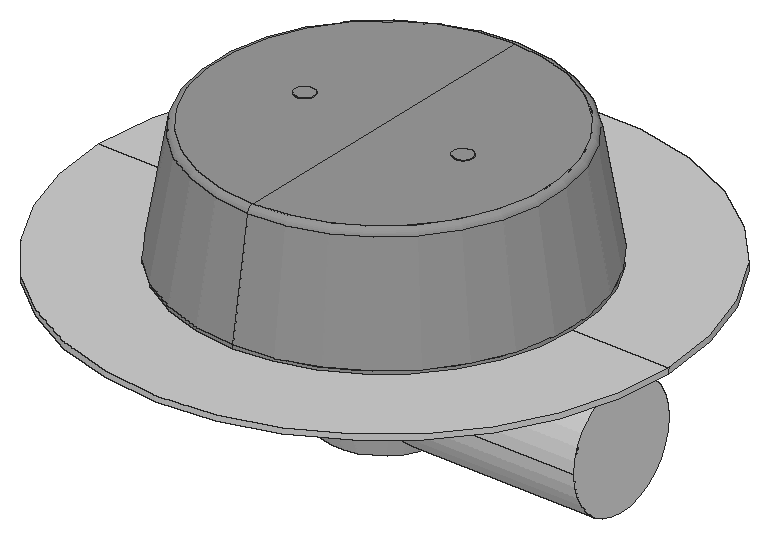
Revit family "HL_RU_Roof drain_HL64PPower-B-221103", category Sanitärinstallationen, Revit 2020
Family settings
  Bemaßung runder Anschluss = Durchmesser verwenden
  Teiletyp = Normal
  OmniClass-Nummer = 23.70.50.21.24.14
  OmniClass-Titel = Deck Waste Water Drains
  Arbeitsebenenbasiert = Nein
  Immer vertikal = Ja
  Beim Laden mit Abzugskörper schneiden = Nein
  Gemeinsam genutzt = Nein
  Raumberechnungspunkt = Ja
Parameters (values of type "HL_Кровельная воронка_HL64PPower")
  РЕШЁТКА = "Laubfangkorb d 262 mm"
  РАЗМЕР = "DN75"
  ПРОПУСКНАЯ СПОСОБНОСТЬ [instance] = 0.0 L/s
  ПРАВОВАЯ ИНФОРМАЦИЯ = "Авторские права(©), права на дизайн или какие либо другие права интелектуальной собственности являются исключительной собственностью компании HL Hutterer & Lechner. Изменению не подлежит. Файл семейства с данными о прозводителе изделия защищен паролем с водяным знаком."
  НОМИНАЛЬНЫЙ ДИАМЕТР = 75 mm
  МАТЕРИАЛ = "PP/PVC"
  ВЫСОТА МОНТАЖА = "93 mm"
  ВЕС = "2,92 [kg]"
  Vorgabe-Ansicht = 0 mm
  Hersteller = "HL Hutterer & Lechner GmbH"  # constant formula
  URL = "http://www.hutterer-lechner.com/ru/products/catalog/roof-drains/HL64PPower.aspx"
  Материал плитка [instance] = none
  Lüftungsverbindung = no
  Abwasserrohrverbindung = yes
  HW-Verbindung = no
  KW-Verbindung = no
  Beschreibung = "Кровельные воронки"
  Model = "HL64PPower"
  Assembly Code = " "
  Typenkommentare = "HL64PPower Воронка для водостока с отсекателем воздуха, с корпусом из ПВХ DN75,"
  Keynote = "HL64PPower"
  Bысота монтажа [instance] = 0 mm
  G [instance] = 90.00°  # constant formula
  EAN = "9003076040810"
  D [instance] = 150 mm  # constant formula
  C [instance] = if(Bысота монтажа - 68 mm < 0 mm, 0 mm, Bысота монтажа - 68 mm)  # 0 mm
  B [instance] = Bысота монтажа + 55 mm  # 55 mm
  A [instance] = if(B - 100 mm > 15 mm, B - 100 mm, 15 mm)  # 15 mm
Types (2, lengths in mm): name | URL | Beschreibung | Typenkommentare
  (no name) | " " | " " | "HL64PPower Safety roof drain \"Power\" DN75 with PVC collar,"
  HL_Кровельная воронка_HL64PPower | "http://www.hutterer-lechner.com/ru/products/catalog/roof-drains/HL64PPower.aspx" | "Кровельные воронки" | "HL64PPower Воронка для водостока с отсекателем воздуха, с корпусом из ПВХ DN75,"
Values of the unnamed type that differ from the named types
  ПРАВОВАЯ ИНФОРМАЦИЯ = ""
  Model = " "
  Keynote = " "
Reference planes
  plane 1 "Center (Front/Back)": y = 0
  plane 2: z = 0
  plane 3 "Center (Left/Right)": x = 0
  plane 4: z = -55
  plane 5: z = 0
Lines and regions (mm)
  model lines, style "InvisibleLines"
    curve 1: line (0, 0, 0) -> (0, 0, 20)
  model lines, style "PlumbingFixtures", detail levels coarse+medium
    curve 2: line (0, 0, -55) -> (0, 0, -40)
    curve 3: line (0, 0, -40) -> (-40, 0, 0)
    curve 4: line (0, 0, -40) -> (40, 0, 0)
    curve 6: line (0, 0, -55) -> (150, 0, -55)
  reference lines, not visible
    curve 5: line (0, 0, -55) -> (150, 0, -55)
  symbolic lines, style "PlumbingFixtures", detail levels coarse+medium
    curve 7: line (-75, 75, 0) -> (75, 75, 0)
    curve 8: line (-75, -75, 0) -> (-75, 75, 0)
    curve 9: line (75, -75, 0) -> (-75, -75, 0)
    curve 10: line (75, 75, 0) -> (75, -75, 0)
    curve 11: line (-75, 75, 0) -> (-145.711, 145.711, 0)
    curve 12: line (75, 75, 0) -> (145.711, 145.711, 0)
    curve 13: line (-75, -75, 0) -> (-145.711, -145.711, 0)
    curve 14: line (75, -75, 0) -> (145.711, -145.711, 0)
  symbolic lines, style "PlumbingFixtures", not visible, detail levels coarse+medium
    curve 15: line (-75, 75, 0) -> (75, 75, 0)
    curve 16: line (-75, -75, 0) -> (-75, 75, 0)
    curve 17: line (75, -75, 0) -> (-75, -75, 0)
    curve 18: line (75, 75, 0) -> (75, -75, 0)
    curve 19: line (-75, 75, 0) -> (-145.711, 145.711, 0)
    curve 20: line (75, 75, 0) -> (145.711, 145.711, 0)
    curve 21: line (-75, -75, 0) -> (-145.711, -145.711, 0)
    curve 22: line (75, -75, 0) -> (145.711, -145.711, 0)
Text (mm)
  text "FLOOR" at (-162.344, 0, -10.979), in view "Drain Construction View"
Dimensions and locks
  "B": plane 2 to plane 4
  "Bысота монтажа": plane 2 to plane 5
  "A": curve 4 to plane 4
  "D": curve 5 to curve 5
  "D": curve 6 to curve 6
  locked: curve 4 to plane 3 "Center (Left/Right)" (angle 45.00°)
  locked: plane 3 "Center (Left/Right)" to curve 3 (angle 45.00°)
  "G": angle curve 5 to plane 3 "Center (Left/Right)"
  aligned and locked: level to plane 2
  aligned and locked: plane 2 to curve 4
  aligned and locked: plane 2 to curve 3
  aligned and locked: plane 4 to curve 5
  aligned and locked: plane 3 "Center (Left/Right)" to curve 5
  aligned and locked: plane 4 to curve 2
  aligned and locked: plane 3 "Center (Left/Right)" to curve 6
  aligned and locked: plane 4 to curve 6
  aligned and locked: nested 1 to plane 5
  aligned and locked: plane 3 "Center (Left/Right)" to nested 1
  aligned and locked: plane 2 to nested 2
  aligned and locked: plane 3 "Center (Left/Right)" to nested 2
Automatic sketch dimensions
  curve 2 to plane 3 "Center (Left/Right)" = 0 mm
  curve 1 to plane 3 "Center (Left/Right)" = 0 mm
  curve 1 to level = 0 mm
  level to curve 1 = 20 mm
Nested families
  nested 1: "HL_кровельные воронки - корпус_HL64PPower" at (0, 0, 0), type "HL_кровельные воронки - корпус_HL64PPower"
  nested 2: "HL_Вспомогательные материалы-Противопожарная защита_HL062.1EPower" at (0, 0, 2), type "HL_Вспомогательные материалы-Противопожарная защита_HL062.1EPower"
Connectors
  piping at (150, 0, -55), diameter 75, driven by "ПРОПУСКНАЯ СПОСОБНОСТЬ", driven by "НОМИНАЛЬНЫЙ ДИАМЕТР"
    settings: on curve 5, index 1, connector inside diameter 609.6 mm, connector length 0 mm, flow factor 0, pipe flow 0.0 L/s, pressure drop 0.0 Pa, fitting loss kfactor 0, connector angle 0.00°, fixture units 0, engagement length 0 mm, angle of deflection 0.00°, flow configuration 1, flow direction 2, fitting loss method 0, system type 16, joint type 0, gender type 0, connector reference index -1, connector utility 0, adjustable connector yes, is connector primary yes, connector description ""
Definition of nested family "HL_кровельные воронки - корпус_HL64PPower"
  Parameters (values of type "HL_кровельные воронки - корпус_HL64PPower")
    НОМИНАЛЬНЫЙ ДИАМЕТР = 50 mm
    Default Elevation = 0 mm
    Manufacturer = ""
    URL = ""
    Description = ""
    Model = ""
    Type Comments = ""
    Cost = 0
  Reference planes
    plane 1 "Střed (vpředu/vzadu)": y = 0
    plane 2: z = 0
    plane 3 "Střed (vlevo/vpravo)": x = 0
  Forms (mm)
    Revolve 1, solid, detail levels fine
      sketch origin (0, 0, 0) x (1, 0, 0) y (0, 0, 1)
        loop
          line (-78.9, 0) -> (-180, 0) -> (-180, -3.5) -> (-84, -3.5) -> (-84, -35) -> (-67.159, -35) -> (-36.586, -92.5) -> (0, -92.5) -> (0, -31.5) -> (-78.9, -31.5) -> (-78.9, 0)
        axis (0, -92.5) -> (0, 0)
      angle from 0 to 360
    Extrusion 2, solid, detail levels fine
      sketch origin (0, 0, 0) x (0, 1, 0) y (0, 0, 1)
        loop
          circle (0, -55) r 37.5
      from 0 to 150
    Revolve 3, void
      sketch origin (0, 0, 0) x (1, 0, 0) y (0, 0, 1)
        loop
          line (0, 0) -> (-78.9, 0) -> (-78.9, -6) -> (-66.99, -6) -> (-59, -13.99) -> (-59, -31.5) -> (0, -31.5) -> (0, 0)
        axis (0, -31.5) -> (0, 0)
      angle from 0 to 360
  Cuts and joins
    Revolve 3 cuts Revolve 1
    Revolve 3 cuts Extrusion 2
  Dimensions and locks
    aligned and locked: level to plane 2
Definition of nested family "HL_Вспомогательные материалы-Противопожарная защита_HL062.1EPower"
  Parameters (values of type "HL_Вспомогательные материалы-Противопожарная защита_HL062.1EPower")
    РЕШЁТКА = "Laubfangkorb d 262 mm"
    ПРАВОВАЯ ИНФОРМАЦИЯ = "Авторские права(©), права на дизайн или какие либо другие права интелектуальной собственности являются исключительной собственностью компании HL Hutterer & Lechner. Изменению не подлежит. Файл семейства с данными о прозводителе изделия защищен паролем с водяным знаком."
    МАТЕРИАЛ = "PP"
    ВЕС = "0,715 [kg]"
    Default Elevation = 0 mm
    Manufacturer = "HL Hutterer & Lechner GmbH"
    URL = "http://www.hutterer-lechner.com/ru/products/catalog/roof-drains/HL062.1EPower.aspx"
    Материал плитка = none
    Description = "Кровельные воронки"
    Model = "HL062.1EPower"
    Type Comments = "HL062.1EPower, Листвоуловитель"
    Keynote = "HL062.1EPower"
    Пропускная способность [instance] = 0.0 L/s
    EAN = "9003076040490"
    Cost = 0
  Values of the unnamed type that differ from the named types
    ПРАВОВАЯ ИНФОРМАЦИЯ = ""
    Manufacturer = ""
    URL = ""
    Description = ""
    Model = ""
    Type Comments = "HL062.1EPower, Leaf catcher"
    Keynote = ""
  Reference planes
    plane 1 "Střed (vpředu/vzadu)": y = 0
    plane 2: z = 0
    plane 3 "Střed (vlevo/vpravo)": x = 0
  Forms (mm)
    Revolve 1, solid, detail levels fine
      sketch origin (0, 0, 0) x (0, 1, 0) y (0, 0, 1)
        loop
          line (70.495, -8.5) -> (70.495, -2.5) -> (66.996, -2.5) -> (66.996, -8.508) -> (58.998, -16.506) -> (58.998, -38.5) -> (61.176, -38.5) -> (62.518, -33.49) -> (62.518, -26) -> (77.157, -26) -> (77.157, -22.019)
          arc (77.157, -22.019) -> (80.011, -17.502) -> (77.157, -12.985) r 5.001
          line (77.157, -12.985) -> (77.157, -8.5) -> (70.495, -8.5)
        axis (0, -2.5) -> (0, -38.5)
      angle from 0 to 360
    Revolve 2, solid, detail levels fine
      sketch origin (0, 0, 0) x (0, 1, 0) y (0, 0, 1)
        loop
          arc (107.472, 69.093) -> (105.997, 71.78) -> (103.186, 73) r 4.733
          line (103.186, 73) -> (0, 73) -> (0, 70.25) -> (98.402, 70.25) -> (109.718, 0) -> (109.718, -2) -> (119.5, -2) -> (119.5, 0) -> (107.472, 69.093)
        axis (0, 73) -> (0, -2)
      angle from 0 to 360
    Revolve 3, solid, detail levels fine
      sketch origin (0, 0, 0) x (0, 1, 0) y (0, 0, 1)
        loop
          line (99, 18.5) -> (80.936, 18.5) -> (80.936, 24.5) -> (76.436, 24.5) -> (76.436, 18.5) -> (69.236, 18.5) -> (69.236, 24.5) -> (64.737, 24.5) -> (64.737, 18.5) -> (0, 18.5) -> (0, 13.5) -> (85.938, 13.5) -> (99, 17.04) -> (99, 18.5)
        axis (0, 24.5) -> (0, 13.5)
      angle from 0 to 360
    Extrusion 4, solid, detail levels fine
      sketch origin (0, 0, 18.5) x (0, 1, 0) y (-1, 0, 0)
        loop
          circle (0, 49.989) r 5.75
      from -40 to 38
    Extrusion 5, solid, detail levels fine
      sketch origin (0, 0, 56.5) x (0, 1, 0) y (-1, 0, 0)
        loop
          circle (0, 49.998) r 6.003
      from 0 to 16.5
    Extrusion 6, solid, detail levels fine
      sketch origin (0, 0, 18.5) x (0, 1, 0) y (-1, 0, 0)
        loop
          circle (0, -49.989) r 5.75
      from -40 to 38
    Extrusion 7, solid, detail levels fine
      sketch origin (0, 0, 56.5) x (0, 1, 0) y (-1, 0, 0)
        loop
          circle (0, -49.998) r 6.003
      from 0 to 16.5
    Extrusion 8, solid, detail levels fine
      sketch origin (0, 0, 18.5) x (0, 1, 0) y (-1, 0, 0)
        loop
          circle (62.504, 62.501) r 2.997
      from 0 to 44.5
    Extrusion 9, solid, detail levels fine
      sketch origin (0, -125, 18.5) x (0, 1, 0) y (-1, 0, 0)
        loop
          circle (62.504, 62.501) r 2.997
      from 0 to 44.5
    Extrusion 10, solid, detail levels fine
      sketch origin (125, -125, 18.5) x (0, 1, 0) y (-1, 0, 0)
        loop
          circle (62.504, 62.501) r 2.997
      from 0 to 44.5
    Extrusion 11, solid, detail levels fine
      sketch origin (125, 0, 18.5) x (0, 1, 0) y (-1, 0, 0)
        loop
          circle (62.504, 62.501) r 2.997
      from 0 to 44.5
    Extrusion 12, solid, detail levels fine
      sketch origin (0, 0, 0) x (0, 1, 0) y (0, 0, 1)
        loop
          line (77.009, 13.5) -> (39, 13.5) -> (47.949, -2) -> (77.009, -2) -> (77.009, 13.5)
        loop
          line (-77.009, 13.5) -> (-77.009, -2) -> (-47.949, -2) -> (-39, 13.5) -> (-77.009, 13.5)
      from -2.8 to 2.8
    Extrusion 13, solid, detail levels fine
      sketch origin (0, 0, 0) x (1, 0, 0) y (0, 0, 1)
        loop
          line (-77.026, -2) -> (-55.066, -2) -> (-55.066, 13.5) -> (-77.026, 13.5) -> (-77.026, -2)
        loop
          line (77.026, -2) -> (77.026, 13.5) -> (55.066, 13.5) -> (55.066, -2) -> (77.026, -2)
      from -2.8 to 2.8
  Dimensions and locks
    aligned and locked: level to plane 2
